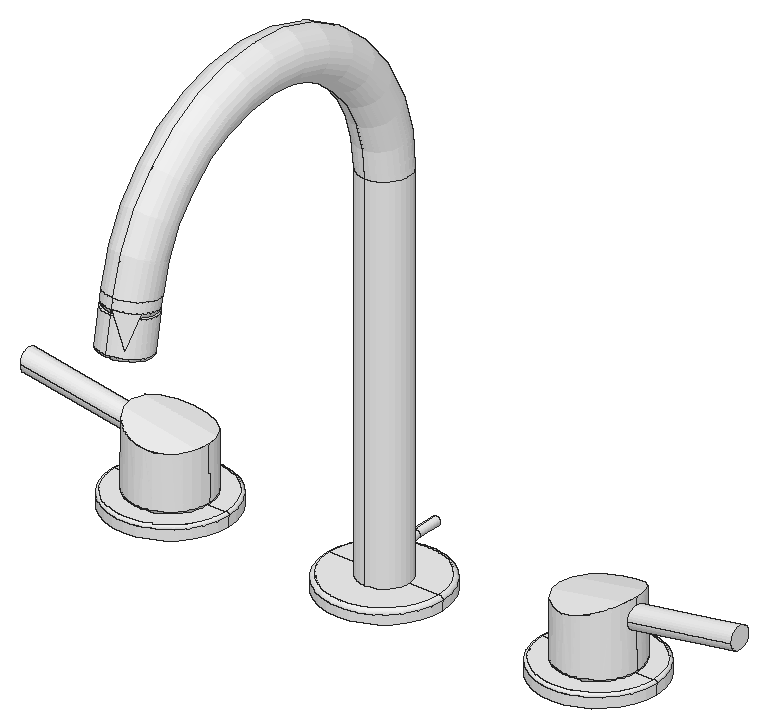
Revit family "Faucet-Lavatory-Grohe-Concetto-20217_Series", category Plumbing Fixtures, Revit 2014
Parameters (values of type "20217001")
  cUPC Compliant = yes
  Width = 8"
  Waste Connection = no
  Warranty Documentation Link = "https://cdn.cloud.grohe.com/tpi/1000/1900/1940/1949/1949006/original/1949006.pdf"
  WFU = 0
  Vent Connection = no
  URL = "http://www.grohe.com/ca-en/"
  Shipping Weight = 4.46 lbf
  Product Page URL = "https://www.grohe.com/us/6434/bathroom/bathroom-faucets/concetto/product-details/?product=20217-G187&color=001&material=20217001"
  Price = "Prices may vary. Please consult Manufacturer Representative for most up-to-date price list."  # constant formula
  Model = "20217001"
  Material = "Metal-Grohe-001-Chrome"
  Manufacturer = "Grohe"
  Length = 6 1/16"  # constant formula
  Installation Type = "Deck-Mounted"
  Hot Water Connection Diameter = 3/8"
  Height = 10 7/16"  # constant formula
  HWFU = 1.5
  HW Connection = yes
  Flow Rate = "1.5 gpm (5.7 L/min)"
  Finish = Metal-Grohe-001-Chrome
  Faucet Handle Type = 20217 Faucet Handle : 20217 Faucet Handle 001
  Description = "Concetto Three-Hole Basin Mixer 1/2\" L-Size"
  Default Elevation = 0"
  Creation Date = "1/20/2017"  # constant formula
  Cold Water Connection Diameter = 3/8"
  CalGreen Compliant = yes
  CWFU = 1.5
  CW Connection = yes
  Assembly Code = "D2020300"
  ADA Compliant = yes
Types (5): name | Width | Shipping Weight | Product Page URL | Model | Material | Flow Rate | Finish | Faucet Handle Type
  (no name) | 8" | 4.46 lbf | "https://www.grohe.com/us/6434/bathroom/bathroom-faucets/concetto/product-details/?product=20217-G187&color=001&material=20217001" | "20217001" | "Metal-Grohe-001-Chrome" | "1.5 gpm (5.7 L/min)" | Metal-Grohe-001-Chrome | 20217 Faucet Handle : 20217 Faucet Handle 001
  20217001 | 8" | 4.46 lbf | "https://www.grohe.com/us/6434/bathroom/bathroom-faucets/concetto/product-details/?product=20217-G187&color=001&material=20217001" | "20217001" | "Metal-Grohe-001-Chrome" | "1.5 gpm (5.7 L/min)" | Metal-Grohe-001-Chrome | 20217 Faucet Handle : 20217 Faucet Handle 001
  2021700A | 7 7/8" | 4.46 lbf | "https://www.grohe.com/us/6434/bathroom/bathroom-faucets/concetto/product-details/?product=20217-G187&color=00A&material=2021700A" | "2021700A" | "Metal-Grohe-00A-Chrome" | "1.2 gpm (4.56 L/min)" | Metal-Grohe-00A-Chrome | 20217 Faucet Handle : 20217 Faucet Handle 00A
  20217EN1 | 7 7/8" | 4.25 lbf | "https://www.grohe.com/us/6434/bathroom/bathroom-faucets/concetto/product-details/?product=20217-G187&color=EN1&material=20217EN1" | "20217EN1" | "Metal-Grohe-EN1-Brushed Nickel" | "1.5 gpm (5.7 L/min)" | Metal-Grohe-EN1-Brushed Nickel | 20217 Faucet Handle : 20217 Faucet Handle EN1
  20217ENA | 7 7/8" | 4.25 lbf | "https://www.grohe.com/us/6434/bathroom/bathroom-faucets/concetto/product-details/?product=20217-G187&color=ENA&material=20217ENA" | "20217ENA" | "Metal-Grohe-ENA-Brushed Nickel" | "1.2 gpm (4.56 L/min)" | Metal-Grohe-ENA-Brushed Nickel | 20217 Faucet Handle : 20217 Faucet Handle ENA
Reference planes (in)
  plane 1 "Center (Front/Back)": y = 0
  plane 2: z = 0
  plane 3 "Center (Left/Right)": x = 0
  plane 4: x = -4
  plane 5: x = 4
  plane 6: z = 10.4375
  plane 7: z = 6.625
  plane 8: y = -6.0625
  plane 9: through (0, -6.0625, 6.625) normal (0, -0.9848, 0.1736)
  plane 10: x = -5.09375
  plane 11: x = -2.90625
  plane 12: x = 5.09375
  plane 13: x = 2.90625
  plane 14: x = -1.09375
  plane 15: x = 1.09375
  plane 16: z = 1.48782
  plane 17: z = 1.33529
  plane 18: z = 0.96877
  plane 19: z = 1.17078
  plane 20: y = 0.58071
Forms (in)
  Revolve 1, solid, material "Metal-Grohe-001-Chrome" <- "Finish"
    sketch origin (0, 0, 0) x (1, 0, 0) y (0, 0, 1)
      loop
        line (0, 0.23622) -> (-1.02005, 0.23622)
        arc (-1.02005, 0.23622) -> (-1.07216, 0.21464) -> (-1.09375, 0.16252) r 0.0737
        line (-1.09375, 0.16252) -> (-1.09375, 0) -> (0, 0) -> (0, 0.23622)
      axis (0, 0.23622) -> (0, 0)
    angle from 0 to 360
  Sweep 2, solid, material "Metal-Grohe-001-Chrome" <- "Finish"
    path origin (0, 0, 0) x (0, 1, 0) y (0, 0, 1)
      loop
        line (0, 0) -> (0, 7.04462)
        arc (0, 7.04462) -> (-2.71237, 10.00465) -> (-5.89753, 7.56058) r 2.97134
        line (-5.89753, 7.56058) -> (-5.93014, 7.37565)
    profile origin (0, 0, 3.52231) x (0, -1, 0) y (1, 0, 0)
      loop
        circle (0, 0) r 0.45267
  Sweep 3, solid, material "Metal-Grohe-001-Chrome" <- "Finish"
    path origin (0, 0, 0) x (0, 1, 0) y (0, 0, 1)
      loop
        line (1.21055, 0.59055) -> (0.72835, 0.59055)
        arc (0.72835, 0.59055) -> (0.62395, 0.54731) -> (0.58071, 0.44291) r 0.14765
        line (0.58071, 0.44291) -> (0.58071, 0)
    profile origin (0, 0.96945, 0.59055) x (0, 0, -1) y (1, 0, 0)
      loop
        circle (0, 0) r 0.07813
  Revolve 4, solid, material "Metal-Grohe-001-Chrome" <- "Finish"
    sketch origin (0, 0, 0) x (0, 1, 0) y (0, 0, 1)
      loop
        arc (-6.50283, 6.75412) -> (-6.49791, 6.72719) -> (-6.47662, 6.70997) r 0.03937
        arc (-6.47662, 6.70997) -> (-6.4449, 6.69656) -> (-6.41153, 6.68805) r 0.22927
        line (-6.41153, 6.68805) -> (-6.06259, 6.62652) -> (-5.92848, 7.38707) -> (-6.37352, 7.46555)
        arc (-6.37352, 7.46555) -> (-6.37519, 7.4215) -> (-6.35293, 7.38346) r 0.07874
        arc (-6.35293, 7.38346) -> (-6.37768, 7.38897) -> (-6.39427, 7.3698) r 0.02472
        line (-6.39427, 7.3698) -> (-6.50283, 6.75412)
      axis (-5.92814, 7.38701) -> (-6.06224, 6.62646)
    angle from 0 to 360
Cuts and joins
  joined: Revolve 1, Sweep 2, Sweep 3
Lines and regions (in)
  Masking region 1
    outline origin (0, 0, 0) x (1, 0, 0) y (0, 1, 0)
      loop
        arc (-5.07499, -0.20173) -> (-2.90625, 0) -> (-5.07499, 0.20173) r 1.09375
        line (-5.07499, 0.20173) -> (-6.64048, 0.20173) -> (-6.64048, -0.20173) -> (-5.07499, -0.20173)
      loop
        arc (-0.07812, 1.09096) -> (-1.07654, 0.19324) -> (-0.45267, -0.99568) r 1.09375
        line (-0.45267, -0.99568) -> (-0.45267, -6.0625)
        arc (-0.45267, -6.0625) -> (0, -6.51517) -> (0.45267, -6.0625) r 0.45267
        line (0.45267, -6.0625) -> (0.45267, -0.99568)
        arc (0.45267, -0.99568) -> (1.07654, 0.19324) -> (0.07813, 1.09096) r 1.09375
        line (0.07813, 1.09096) -> (0.07813, 1.21055) -> (-0.07812, 1.21055) -> (-0.07812, 1.09096)
      loop
        line (5.07499, -0.20173) -> (6.64048, -0.20173) -> (6.64048, 0.20173) -> (5.07499, 0.20173)
        arc (5.07499, 0.20173) -> (2.90625, 0) -> (5.07499, -0.20173) r 1.09375
  symbolic lines, detail levels medium+fine
    curve 1: line (-5.07499, 0.20173, 0) -> (-4.6926, 0.20173, 0)
    curve 2: arc (-4.6926, 0.20173, 0) -> (-3.27937, -0.0003, 0) -> (-4.69269, -0.20173, 0) r 0.72104
    curve 3: line (-5.07499, -0.20173, 0) -> (-4.69269, -0.20173, 0)
    curve 4: line (-0.45267, -0.99568, 0) -> (-0.45267, 0, 0)
    curve 5: arc (-0.45267, 0, 0) -> (0, 0.45267, 0) -> (0.45267, 0, 0) r 0.45267
    curve 6: line (0.45267, 0, 0) -> (0.45267, -0.99568, 0)
    curve 7: line (-0.07812, 1.09096, 0) -> (-0.07812, 0.59096, 0)
    curve 8: arc (-0.07812, 0.59096, 0) -> (-0.00034, 0.51317, 0) -> (0.07745, 0.59096, 0) r 0.07779
    curve 9: line (0.07745, 0.59096, 0) -> (0.07745, 1.091, 0)
    curve 13: line (5.07499, 0.20173, 0) -> (4.6926, 0.20173, 0)
    curve 14: arc (4.6926, 0.20173, 0) -> (3.27937, -0.0003, 0) -> (4.69269, -0.20173, 0) r 0.72104
    curve 15: line (5.07499, -0.20173, 0) -> (4.69269, -0.20173, 0)
  symbolic lines, detail levels fine
    curve 10: arc (0.45267, -5.90145, 0) -> (0, -6.35413, 0) -> (-0.45267, -5.90145, 0) r 0.45267
    curve 11: arc (0.45221, -5.92185, 0) -> (0, -6.37406, 0) -> (-0.45221, -5.92185, 0) r 0.45221
    curve 12: arc (-4.6926, 0.20173, 0) -> (-4.72131, 0.00078, 0) -> (-4.6926, -0.20018, 0) r 0.71775
    curve 16: arc (4.69269, -0.20173, 0) -> (4.72144, 0.00001, 0) -> (4.6926, 0.20173, 0) r 0.72104
Dimensions and locks (in)
  equal spacing: plane 5, plane 3 "Center (Left/Right)", plane 4
  "Width": plane 5 to plane 4
  "Height": plane 6 to level
  "Length": plane 1 "Center (Front/Back)" to plane 8
  locked: plane 7 to level at 6.625
  equal spacing: plane 10, plane 4, plane 11
  locked: plane 10 to plane 11 at 2.1875
  locked: plane 12 to plane 13 at 2.1875
  equal spacing: plane 13, plane 5, plane 12
  equal spacing: plane 14, plane 3 "Center (Left/Right)", plane 15
  locked: plane 14 to plane 15 at 2.1875
  diameter of curve 14 = 1.44207"
  locked: plane 8 to plane 9 (angle 10.00°)
  aligned and locked: Revolve 1 sketch curve to plane 3 "Center (Left/Right)"
  aligned and locked: nested 1 to plane 5
  aligned and locked: plane 4 to nested 2
  aligned and locked: Masking region 1 to curve 13
  aligned and locked: curve 15 to Masking region 1
  aligned and locked: curve 13 to curve 16
  aligned and locked: curve 15 to curve 16
  aligned and locked: curve 16 to curve 14
Automatic sketch dimensions
  plane 14 to Revolve 1 sketch curve = 0"
  Revolve 1 sketch curve to plane 3 "Center (Left/Right)" = 0"
  Revolve 1 sketch curve to level = 0"
  Revolve 1 sketch curve to plane 14 = 0.0737"
  level to Revolve 1 sketch curve = 0.16252"
  Revolve 1 sketch curve to Revolve 1 sketch curve = 0.19176"
  Revolve 1 sketch curve to Revolve 1 sketch curve = 0.03754"
  Sweep 2 sketch curve to plane 3 "Center (Left/Right)" = 0"
  Sweep 2 sketch curve to profile plane = 0"
  Sweep 3 sketch curve to level = 0"
  Sweep 3 sketch curve to plane 20 = 0"
  Sweep 3 sketch curve to plane 20 = 0.14765"
  Sweep 3 sketch curve to Sweep 3 sketch curve = 0.44291"
  Sweep 3 sketch curve to Sweep 3 sketch curve = 0.48219"
  Sweep 3 sketch curve to plane 3 "Center (Left/Right)" = 0"
  Sweep 3 sketch curve to profile plane = 0"
  Revolve 4 sketch curve to plane 9 = 0"  (x2)
  plane 7 to Revolve 4 sketch curve = 0.12912"
  plane 8 to Revolve 4 sketch curve = 0.44033"
  Revolve 4 sketch curve to Revolve 4 sketch curve = 0.03877"
  plane 7 to Revolve 4 sketch curve = 0.06305"
  Revolve 4 sketch curve to Revolve 4 sketch curve = 0.05252"
  plane 8 to Revolve 4 sketch curve = 0.33177"
  Revolve 4 sketch curve to Revolve 4 sketch curve = 0.02075"
  Revolve 4 sketch curve to Revolve 4 sketch curve = 0.09233"
  Revolve 4 sketch curve to Revolve 4 sketch curve = 0.02434"
  Revolve 4 sketch curve to Revolve 4 sketch curve = 0.0747"
  plane 8 to Revolve 4 sketch curve = 0.00009"
  Revolve 4 sketch curve to plane 8 = 0.13402"
  plane 7 to Revolve 4 sketch curve = 0.00152"
  Revolve 4 sketch curve to Revolve 4 sketch curve = 0.00684"
  Revolve 4 sketch curve to Revolve 4 sketch curve = 0.16656"
  Revolve 4 sketch curve to Revolve 4 sketch curve = 0.10004"
  Revolve 4 sketch curve to Revolve 4 sketch curve = 0.00429"
  Revolve 4 sketch curve to Revolve 4 sketch curve = 0.02489"
  plane 8 to Revolve 4 sketch curve = 0.08403"
  plane 8 to Revolve 4 sketch curve = 0.05165"
  plane 9 to Sweep 2 sketch curve = 0"  (x2)
  Sweep 2 sketch curve to plane 1 "Center (Front/Back)" = 0"
  Sweep 2 sketch curve to level = 0"
  plane 7 to Sweep 2 sketch curve = 0.41962"
  Sweep 2 sketch curve to plane 8 = 0.16497"
  Sweep 2 sketch curve to plane 8 = 0.13236"
  Masking region 1 sketch curve to Masking region 1 sketch curve = 0"  (x4)
  plane 1 "Center (Front/Back)" to Masking region 1 sketch curve = 0"  (x3)
  Masking region 1 sketch curve to plane 4 = 0"
  plane 8 to Masking region 1 sketch curve = 0"
  Masking region 1 sketch curve to plane 3 "Center (Left/Right)" = 0"  (x2)
  Masking region 1 sketch curve to plane 5 = 0"
  Masking region 1 sketch curve to plane 10 = 0.01876"
  plane 1 "Center (Front/Back)" to Masking region 1 sketch curve = 0.20173"
  plane 10 to Masking region 1 sketch curve = 1.54673"
  Masking region 1 sketch curve to Masking region 1 sketch curve = 0.45267"
  Masking region 1 sketch curve to plane 3 "Center (Left/Right)" = 5/64"
  plane 3 "Center (Left/Right)" to Masking region 1 sketch curve = 5/64"
  Masking region 1 sketch curve to plane 12 = 0.01876"  (x2)
  Masking region 1 sketch curve to plane 1 "Center (Front/Back)" = 0.20173"  (x2)
  plane 12 to Masking region 1 sketch curve = 1.54673"
  plane 1 "Center (Front/Back)" to Masking region 1 sketch curve = 0.99568"
  Masking region 1 sketch curve to Masking region 1 sketch curve = 0.11959"
  plane 1 "Center (Front/Back)" to curve 5 = 0"
  curve 5 to plane 3 "Center (Left/Right)" = 0"
  curve 10 to plane 3 "Center (Left/Right)" = 0"
  plane 1 "Center (Front/Back)" to curve 16 = 0.00015"
  curve 8 to plane 3 "Center (Left/Right)" = 0.00034"
  curve 7 to plane 20 = 0.01025"
  curve 7 to curve 8 = 0.07779"
  curve 4 to curve 5 = 0.45267"
  curve 2 to plane 4 = 0.0004"
  curve 12 to plane 1 "Center (Front/Back)" = 0.00078"
  curve 12 to curve 2 = 0.00316"
  curve 1 to plane 10 = 0.40115"
  plane 1 "Center (Front/Back)" to curve 3 = 0.20173"
  curve 3 to plane 10 = 0.40106"
  curve 16 to plane 5 = 0.0004"
  curve 10 to plane 8 = 0.16105"
  curve 11 to curve 10 = 0.02039"
  curve 11 to curve 11 = 0.45221"
  curve 3 to curve 12 = 0.00008"
  curve 1 to plane 10 = 0.01876"
  curve 3 to plane 10 = 0.01876"
  curve 13 to plane 12 = 0.01876"
  curve 15 to plane 12 = 0.01876"
  curve 6 to curve 6 = 0.99568"
  curve 4 to curve 6 = 0"
  curve 7 to curve 7 = 1/2"
  curve 7 to curve 9 = 0.00005"
  radius of Sweep 2 sketch curve = 0.45267"
  radius of Sweep 3 sketch curve = 5/64"
Nested families (in)
  nested 1: "20217 Faucet Handle" at (4, 0, 0), type <- "Faucet Handle Type", type "20217 Faucet Handle 001"
  nested 2: "20217 Faucet Handle" at (-4, 0, 0) x (-1, 0, 0) z (0, 0, 1), type <- "Faucet Handle Type", type "20217 Faucet Handle 001"
Connectors (in)
  piping at (-4, 0, 0), diameter 0.375, driven by "HWFU", driven by "Hot Water Connection Diameter"
    settings: on nested 2, index 1, connector inside diameter 24", connector length 0", flow factor 0, pipe flow 0 GPM, pressure drop 0.00 psi, fitting loss kfactor 0, connector angle 0.00°, fixture units 1.5, engagement length 0", angle of deflection 0.00°, flow configuration 3, flow direction 1, fitting loss method 0, system type 19, joint type 0, gender type 0, connector reference index -1, connector utility 0, adjustable connector no, is connector primary yes, connector description "3/8\" NPT HW Inlet"
  piping at (4, 0, 0), diameter 0.375, driven by "CWFU", driven by "Cold Water Connection Diameter"
    settings: on nested 1, index 2, connector inside diameter 24", connector length 0", flow factor 0, pipe flow 0 GPM, pressure drop 0.00 psi, fitting loss kfactor 0, connector angle 0.00°, fixture units 1.5, engagement length 0", angle of deflection 0.00°, flow configuration 3, flow direction 1, fitting loss method 0, system type 20, joint type 0, gender type 0, connector reference index -1, connector utility 0, adjustable connector no, is connector primary no, connector description "3/8\" NPT CW Inlet"
Definition of nested family "20217 Faucet Handle"
  Parameters (values of type "20217 Faucet Handle 001")
    Material = "Metal-Grohe-001-Starlight Chrome"
    Finish = Metal-Grohe-001-Chrome
    Default Elevation = 0"
  Types (4): name | Material | Finish
    20217 Faucet Handle 001 | "Metal-Grohe-001-Starlight Chrome" | Metal-Grohe-001-Chrome
    20217 Faucet Handle 00A | "Metal-Grohe-00A-Starlight Chrome" | Metal-Grohe-00A-Chrome
    20217 Faucet Handle EN1 | "Metal-Grohe-EN1-Brushed Nickel" | Metal-Grohe-EN1-Brushed Nickel
    20217 Faucet Handle ENA | "Metal-Grohe-ENA-Brushed Nickel" | Metal-Grohe-ENA-Brushed Nickel
  Reference planes (in)
    plane 1 "Center (Front/Back)": y = 0
    plane 2: z = 0
    plane 3 "Center (Left/Right)": x = 0
  Forms (in)
    Revolve 1, solid, material "Metal-Grohe-001-Chrome" <- "Finish"
      sketch origin (-3.93506, 0, 0) x (-1, 0, 0) y (0, 0, 1)
        loop
          arc (-4.66567, 0.26859) -> (-4.65989, 0.25355) -> (-4.64537, 0.24654) r 0.02188
          line (-4.64537, 0.24654) -> (-4.50342, 0.23622) -> (-4.97604, 0.23622)
          arc (-4.97604, 0.23622) -> (-5.01336, 0.22076) -> (-5.02881, 0.18345) r 0.05277
          line (-5.02881, 0.18345) -> (-5.02881, 0) -> (-3.93506, 0) -> (-3.93506, 1.53974) -> (-4.65278, 1.53974) -> (-4.66567, 0.26859)
        axis (-3.93506, 1.53974) -> (-3.93506, 0)
      angle from 0 to 360
    Extrusion 2, void
      sketch origin (-3.60095, 0, -0.78685) x (0, 1, 0) y (0.176211, 0, -0.984352)
        loop
          arc (0.89207, -1.32467) -> (0, -1.49969) -> (-0.89207, -1.32467) r 2.36084
          line (-0.89207, -1.32467) -> (-0.89207, -1.80224) -> (0.89207, -1.80224) -> (0.89207, -1.32467)
      from -5.02881 to -2.84131
    Extrusion 3, solid, material "Metal-Grohe-001-Chrome" <- "Finish"
      sketch origin (-3.68362, 0, -0.73595) x (0, 1, 0) y (0.162323, 0, -0.986738)
        loop
          circle (0, -1.17078) r 0.20202
      from -6.99645 to -3.9086
    Extrusion 4, void
      sketch origin (-3.93506, 0, 0) x (-1, 0, 0) y (0, 0, -1)
        loop
          line (-6.57726, -1.08877) -> (-7.15054, -1.08877) -> (-7.15054, -1.917) -> (-6.57732, -1.917)
          arc (-6.57732, -1.917) -> (-6.57554, -1.50289) -> (-6.57726, -1.08877) r 49.16685
      from -0.37196 to 0.33246
  Cuts and joins
    Extrusion 2 cuts Revolve 1
    Extrusion 4 cuts Extrusion 3
    joined: Revolve 1, Extrusion 3
